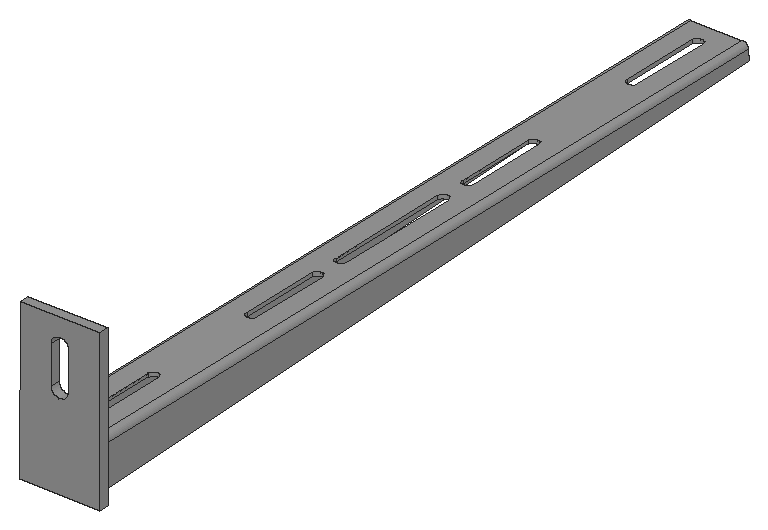
Revit family "Wand- und Stielausleger- FLA 500 G", category Generic Models, Revit 2017
Family settings
  Can host rebar = No
  Round Connector Dimension = Use Diameter
  Part Type = Normal
  Work Plane-Based = No
  Always vertical = Yes
  Cut with Voids When Loaded = No
  Shared = No
  Room Calculation Point = No
Parameters (values of type "FLA 500 G")
  Width = 500 mm
  URL = "http://www.obo-bettermann.com"
  Material = Elektrogalvanised
  Manufacturer Art.No. = "6437889"
  Manufacturer = "OBO BETTERMANN"
  GTIN = "4012196413843"
  Article Type = "FLA 500 G"
Types (3, lengths in mm): name | Material | Manufacturer Art.No. | GTIN | Article Type
  (no name) | Elektrogalvanised | "6437889" | "4012196413843" | "FLA 500 G"
  FLA 500 G | Elektrogalvanised | "6437889" | "4012196413843" | "FLA 500 G"
  FLA 500 FT | Hot dip galvanised | "6437909" | "4012196413904" | "FLA 500 FT"
Reference planes
  plane 1 "Center (Front/Back)": y = 0
  plane 2: z = 0
  plane 3 "Center (Left/Right)": x = 0
  plane 4: y = 6
  plane 5: x = 25
  plane 6: z = 89
  plane 7: z = 35
  plane 8: x = 25
  plane 9: z = 5
  plane 10: y = 516
  plane 11: y = 504.5
  plane 12: x = 25
  plane 13: y = 375.5
  plane 14: y = 411
  plane 15: y = 317.5
  plane 16: x = 25
  plane 17: y = 304.479
  plane 18: x = 25
  plane 19: y = 204.479
  plane 20: y = 261.479
  plane 21: y = 205.458
  plane 22: x = 25
  plane 23: y = 76.458
  plane 24: y = 111.958
  plane 25: y = 18.458
  plane 26: x = 25
Forms (mm)
  Extrusion 1, solid, material "Elektrogalvanised" <- "Material"
    sketch origin (0, 0, 0) x (1, 0, 0) y (0, 0, 1)
      loop
        line (0, 0) -> (50, 0) -> (50, 100) -> (0, 100) -> (0, 0)
    from 0 to -6
  Extrusion 2, void
    sketch origin (0, 0, 0) x (1, 0, 0) y (0, 0, 1)
      loop
        arc (19.5, 59.5) -> (25, 54) -> (30.5, 59.5) r 5.5
        line (30.5, 59.5) -> (30.5, 83.444)
        arc (30.5, 83.444) -> (25, 88.944) -> (19.5, 83.444) r 5.5
        line (19.5, 83.444) -> (19.5, 59.5)
    from 0 to -6
  Extrusion 3, solid, material "Elektrogalvanised" <- "Material"
    sketch origin (0, 0, 0) x (1, 0, 0) y (0, 0, 1)
      loop
        line (5, 5) -> (7, 5) -> (7, 31)
        arc (7, 31) -> (7.586, 32.414) -> (9, 33) r 2
        line (9, 33) -> (41, 33)
        arc (41, 33) -> (42.414, 32.414) -> (43, 31) r 2
        line (43, 31) -> (43, 5) -> (45, 5) -> (45, 31)
        arc (45, 31) -> (43.828, 33.828) -> (41, 35) r 4
        line (41, 35) -> (9, 35)
        arc (9, 35) -> (6.172, 33.828) -> (5, 31) r 4
        line (5, 31) -> (5, 5)
    from -6 to -516
  Extrusion 4, void
    sketch origin (0, 0, 0) x (0, 1, 0) y (0, 0, 1)
      loop
        line (516, 25) -> (6, 5) -> (516, 5) -> (516, 25)
    from 5 to 7
  Extrusion 5, void
    sketch origin (0, 0, 0) x (0, 1, 0) y (0, 0, 1)
      loop
        line (516, 25) -> (6, 5) -> (516, 5) -> (516, 25)
    from 43 to 45
  Extrusion 6, void
    sketch origin (0, 0, 0) x (1, 0, 0) y (0, 1, 0)
      loop
        arc (21.5, 450) -> (25, 446.5) -> (28.5, 450) r 3.5
        line (28.5, 450) -> (28.5, 501.021)
        arc (28.5, 501.021) -> (25, 504.521) -> (21.5, 501.021) r 3.5
        line (21.5, 501.021) -> (21.5, 450)
    from 33 to 35
  Extrusion 7, void
    sketch origin (0, 822, 0) x (1, 0, 0) y (0, 1, 0)
      loop
        line (21.5, -450) -> (21.5, -501.021)
        arc (21.5, -501.021) -> (25, -504.521) -> (28.5, -501.021) r 3.5
        line (28.5, -501.021) -> (28.5, -450)
        arc (28.5, -450) -> (25, -446.5) -> (21.5, -450) r 3.5
    from 33 to 35
  Extrusion 8, void
    sketch origin (0, 0, 0) x (1, 0, 0) y (0, 1, 0)
      loop
        arc (21.5, 220.979) -> (25, 217.479) -> (28.5, 220.979) r 3.5
        line (28.5, 220.979) -> (28.5, 300.888)
        arc (28.5, 300.888) -> (25, 304.388) -> (21.5, 300.888) r 3.5
        line (21.5, 300.888) -> (21.5, 220.979)
    from 33 to 35
  Extrusion 9, void
    sketch origin (0, -299.042, 0) x (1, 0, 0) y (0, 1, 0)
      loop
        arc (21.5, 450) -> (25, 446.5) -> (28.5, 450) r 3.5
        line (28.5, 450) -> (28.5, 501.021)
        arc (28.5, 501.021) -> (25, 504.521) -> (21.5, 501.021) r 3.5
        line (21.5, 501.021) -> (21.5, 450)
    from 33 to 35
  Extrusion 10, void
    sketch origin (0, 522.958, 0) x (1, 0, 0) y (0, 1, 0)
      loop
        line (21.5, -450) -> (21.5, -501.021)
        arc (21.5, -501.021) -> (25, -504.521) -> (28.5, -501.021) r 3.5
        line (28.5, -501.021) -> (28.5, -450)
        arc (28.5, -450) -> (25, -446.5) -> (21.5, -450) r 3.5
    from 33 to 35
Cuts and joins
  Extrusion 2 cuts Extrusion 1
  Extrusion 4, Extrusion 5, Extrusion 6, Extrusion 7, Extrusion 8, Extrusion 9, Extrusion 10 cuts Extrusion 3
Dimensions and locks
  locked: Extrusion 1 sketch curve to Extrusion 1 sketch curve at 50
  locked: Extrusion 1 sketch curve to Extrusion 1 sketch curve at 100
  locked: plane 1 "Center (Front/Back)" to plane 4 at 6
  locked: Extrusion 1 to plane 6 at 11
  locked: Extrusion 1 to plane 5 at 25
  locked: Extrusion 2 sketch curve to Extrusion 2 sketch curve at 11
  locked: plane 5 to Extrusion 2 sketch curve at 5.5
  locked: plane 6 to Extrusion 2 sketch curve at 35
  locked: Extrusion 1 to Extrusion 2 sketch curve at 11.056
  locked: cut or joined group of Extrusion 1, Extrusion 2 to plane 7 at 65
  locked: cut or joined group of Extrusion 1, Extrusion 2 to plane 8 at 25
  locked: Extrusion 3 sketch curve to Extrusion 3 sketch curve at 40
  locked: plane 8 to Extrusion 3 sketch curve at 20
  locked: Extrusion 3 sketch curve to Extrusion 3 sketch curve at 2  (x2)
  Extrusion 3 sketch curve to Extrusion 3 sketch curve = 2 mm
  locked: Extrusion 3 sketch curve to plane 9 at 30
  locked: Extrusion 3 sketch curve to cut or joined group of Extrusion 1, Extrusion 2 at 5
  locked: plane 10 to cut or joined group of Extrusion 1, Extrusion 2 at 510
  locked: cut or joined group 1 (Extrusion 3, Extrusion 4, Extrusion 5, Extrusion 6, Extrusion 7, Extrusion 8, Extrusion 9, Extrusion 10) to plane 12 at 20
  locked: Extrusion 6 sketch curve to Extrusion 6 sketch curve at 7
  locked: Extrusion 6 sketch curve to plane 12 at 3.5
  locked: cut or joined group 1 to Extrusion 6 sketch curve at 11.479
  locked: plane 11 to Extrusion 6 sketch curve at 58
  locked: cut or joined group 1 to plane 13 at 71
  locked: plane 14 to plane 13 at 35.5
  locked: Extrusion 7 sketch curve to Extrusion 7 sketch curve at 7
  locked: Extrusion 7 sketch curve to plane 16 at 3.5
  locked: plane 15 to Extrusion 7 sketch curve at 58
  locked: cut or joined group 1 to plane 17 at 13
  locked: cut or joined group 1 to plane 18 at 20
  locked: Extrusion 8 sketch curve to Extrusion 8 sketch curve at 7
  locked: plane 18 to Extrusion 8 sketch curve at 3.5
  locked: plane 17 to Extrusion 8 sketch curve at 87
  locked: cut or joined group 1 to Extrusion 8 sketch curve at 211.612
  locked: cut or joined group 1 to plane 19 at 13
  locked: cut or joined group 1 to plane 20 at 56
  locked: Extrusion 9 sketch curve to Extrusion 9 sketch curve at 7
  locked: Extrusion 9 sketch curve to plane 22 at 3.5
  locked: plane 21 to Extrusion 9 sketch curve at 58
  locked: cut or joined group 1 to plane 23 at 71
  locked: plane 24 to plane 23 at 35.5
  locked: Extrusion 10 sketch curve to Extrusion 10 sketch curve at 7
  locked: Extrusion 10 sketch curve to plane 26 at 3.5
  locked: plane 25 to Extrusion 10 sketch curve at 58
  aligned and locked: level to plane 2
  aligned and locked: Extrusion 1 to level
  aligned and locked: Extrusion 1 to plane 3 "Center (Left/Right)"
  aligned and locked: Extrusion 1 to plane 4
  aligned and locked: plane 1 "Center (Front/Back)" to Extrusion 2
  aligned and locked: Extrusion 1 to Extrusion 2
  aligned and locked: Extrusion 3 sketch curve to plane 9
  aligned and locked: Extrusion 3 to plane 4
  aligned and locked: plane 10 to Extrusion 3
  aligned and locked: Extrusion 3 to cut or joined group of Extrusion 1, Extrusion 2
  aligned and locked: Extrusion 3 to Extrusion 4  (x2)
  aligned and locked: Extrusion 3 to Extrusion 5
  aligned and locked: Extrusion 5 to Extrusion 3
  aligned and locked: Extrusion 3 to Extrusion 6  (x2)
  aligned and locked: Extrusion 3 to Extrusion 8  (x2)
Automatic sketch dimensions
  Extrusion 1 sketch curve to level = 0 mm
  Extrusion 1 sketch curve to plane 3 "Center (Left/Right)" = 0 mm
  Extrusion 3 sketch curve to Extrusion 3 sketch curve = 0 mm  (x4)
  Extrusion 3 sketch curve to Extrusion 3 sketch curve = 2 mm  (x2)
  Extrusion 4 sketch curve to plane 4 = 0 mm
  Extrusion 4 sketch curve to plane 10 = 0 mm
  level to Extrusion 4 sketch curve = 5 mm
  Extrusion 4 sketch curve to Extrusion 4 sketch curve = 20 mm
  Extrusion 5 sketch curve to plane 4 = 0 mm
  Extrusion 5 sketch curve to plane 10 = 0 mm
  level to Extrusion 5 sketch curve = 5 mm
  Extrusion 5 sketch curve to Extrusion 5 sketch curve = 20 mm
  plane 15 to Extrusion 7 sketch curve = 3.479 mm
  Extrusion 9 sketch curve to plane 19 = 2.5 mm
  plane 25 to Extrusion 10 sketch curve = 3.479 mm
